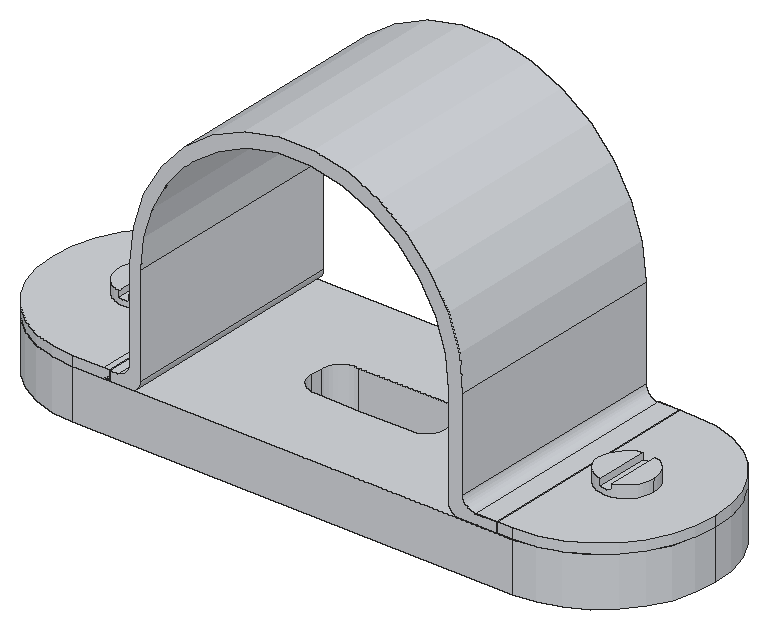
Revit family "PSBS25W", category Generic Models, Revit 2017
Family settings
  Can host rebar = No
  Round Connector Dimension = Use Diameter
  Part Type = Normal
  Work Plane-Based = Yes
  Always vertical = No
  Cut with Voids When Loaded = No
  Shared = No
  Room Calculation Point = No
Parameters (values of type "NBS Standard Parameters")
  Weight = "0.0137Kg"
  WarrantyStartDate [instance] = "1900-12-31T23:59:59"
  WarrantyGuarantorParts = "n/a"
  WarrantyGuarantorLabor = "n/a"
  WarrantyDurationUnit = "1 year"
  WarrantyDurationParts = "n/a"
  WarrantyDurationLabor = "n/a"
  WarrantyDescription = "n/a"
  Version = "1"
  Uniclass2 = "Pr_65_70_11_20"
  TagNumber [instance] = "n/a"
  SustainabilityPerformance = "n/a"
  Size = "25mm"
  Shape = "n/a"
  SerialNumber [instance] = "n/a"
  Revision = "n/a"
  ReplacementCost = "n/a"
  ProductInformation = "www.metpro.co.uk/pdf/psbs25w.pdf"
  NominalWidth = 20 mm
  NominalLength = 60 mm
  NominalHeight = 29 mm
  Name = ""
  NBSTypeID = ""
  NBSReference = "90-55-10/460"
  NBSOfficeMasterTag = ""
  NBSNote = ""
  NBSDescription = "Conduit Fittings"
  NBSCertification = ""
  ModelReference = "PSBS25W"
  ModelNumber = "n/a"
  Material = "PVC"
  ManufacturerURL = "www.metpro.co.uk"
  ManufacturerName = "Metpro Ltd"
  Keynote = "Manufactured to BS4607 Part 1"
  InstallationDate [instance] = "1900-12-31T23:59:59"
  IfcExportType = ""
  IfcExportAs = ""
  Grade = "n/a"
  Finish = "White"
  Features = "n/a"
  ExpectedLife = "n/a"
  DurationUnit = "year"
  Description = "PSBS25W  - 25mm PVC Conduit Spacer Bar Saddles"
  Default Elevation = 1219.2 mm
  Constituents = "n/a"
  Color = "n/a"
  CodePerformance = "n/a"
  Category = "n/a"
  BarCode [instance] = "n/a"
  BIMObjectName = "Metpro_metprolibrary_conduitfittings_PVCcomponent_accessory"
  Author = "Metpro Ltd"
  AssetType = ""
  AssetIdentifier [instance] = "n/a"
  AccessibilityPerformance = "n/a"
Reference planes
  plane 1 "Center (Front/Back)": y = 0
  plane 2: z = 0
  plane 3 "Center (Left/Right)": x = 0
Forms (mm)
  Extrusion 1, solid
    sketch origin (0, 9.608, 8.892) x (1, 0, 0) y (0, 0, 1)
      loop
        line (12.5, 0) -> (12.5, -8.137)
        arc (12.5, -8.137) -> (12.734, -8.702) -> (13.3, -8.937) r 0.8
        line (13.3, -8.937) -> (16.361, -8.937) -> (16.361, -8.137) -> (14.599, -8.137)
        arc (14.599, -8.137) -> (13.908, -7.851) -> (13.622, -7.16) r 0.977
        line (13.622, -7.16) -> (13.622, 0.169)
        arc (13.622, 0.169) -> (0.122, 13.669) -> (-13.378, 0.169) r 13.5
        line (-13.378, 0.169) -> (-13.378, -7.165)
        arc (-13.378, -7.165) -> (-13.662, -7.852) -> (-14.35, -8.137) r 0.972
        line (-14.35, -8.137) -> (-15.468, -8.137) -> (-15.468, -8.953) -> (-13.355, -8.953)
        arc (-13.355, -8.953) -> (-12.75, -8.703) -> (-12.5, -8.099) r 0.855
        line (-12.5, -8.099) -> (-12.5, 0)
        arc (-12.5, 0) -> (0, 12.5) -> (12.5, 0) r 12.5
    from 0 to 18.5
  Extrusion 2, solid
    sketch origin (-23.542, 9.608, -0.061) x (0, -1, 0) y (-1, 0, 0)
      loop
        arc (18.5, -5.567) -> (15.772, 0.89) -> (9.241, 3.434) r 9.004
        arc (9.241, 3.434) -> (2.723, 0.894) -> (0, -5.55) r 8.987
        line (0, -5.55) -> (0, -41.224)
        arc (0, -41.224) -> (2.721, -47.666) -> (9.237, -50.206) r 8.986
        arc (9.237, -50.206) -> (15.771, -47.659) -> (18.5, -41.198) r 9.012
        line (18.5, -41.198) -> (18.5, -5.567)
      loop
        line (11.669, -23.542) -> (11.669, -19.735)
        arc (11.669, -19.735) -> (11.157, -18.499) -> (9.921, -17.987) r 1.748
        line (9.921, -17.987) -> (8.961, -17.987)
        arc (8.961, -17.987) -> (7.772, -18.48) -> (7.279, -19.67) r 1.683
        line (7.279, -19.67) -> (7.279, -27.345)
        arc (7.279, -27.345) -> (7.781, -28.557) -> (8.994, -29.06) r 1.715
        line (8.994, -29.06) -> (9.979, -29.06)
        arc (9.979, -29.06) -> (11.174, -28.565) -> (11.669, -27.37) r 1.69
        line (11.669, -27.37) -> (11.669, -23.542)
    from 0 to 4
  Extrusion 3, solid
    sketch origin (10.708, 9.608, 0.755) x (1, 0, 0) y (0, 1, 0)
      loop
        circle (8.769, -9.237) r 2.242
      loop
        circle (-30.191, -9.237) r 2.242
    from 0 to 0.948
  Extrusion 4, void
    sketch origin (10.708, 9.608, 1.704) x (0, 1, 0) y (1, 0, 0)
      loop
        line (-11.916, -29.82) -> (-11.916, -30.657) -> (-6.427, -30.657) -> (-6.427, -29.82) -> (-11.916, -29.82)
      loop
        line (-11.916, 8.318) -> (-6.283, 8.318) -> (-6.283, 9.317) -> (-11.916, 9.317) -> (-11.916, 8.318)
    from 0 to 0.5
  Extrusion 5, solid
    sketch origin (-13.378, 9.608, 0.755) x (-1, 0, 0) y (0, -1, 0)
      loop
        line (4.598, 18.5) -> (1.646, 18.5) -> (1.646, 0) -> (4.615, 0)
        arc (4.615, 0) -> (11.059, 2.723) -> (13.599, 9.241) r 8.987
        arc (13.599, 9.241) -> (11.054, 15.772) -> (4.598, 18.5) r 9.004
      loop
        line (-31.059, 0) -> (-28.144, 0) -> (-28.144, 18.5) -> (-31.033, 18.5)
        arc (-31.033, 18.5) -> (-37.494, 15.771) -> (-40.042, 9.237) r 9.012
        arc (-40.042, 9.237) -> (-37.501, 2.721) -> (-31.059, 0) r 8.986
    from 0 to -0.8
Cuts and joins
  Extrusion 4 cuts Extrusion 2
  Extrusion 4 cuts Extrusion 3
Dimensions and locks
  aligned and locked: level to plane 2
